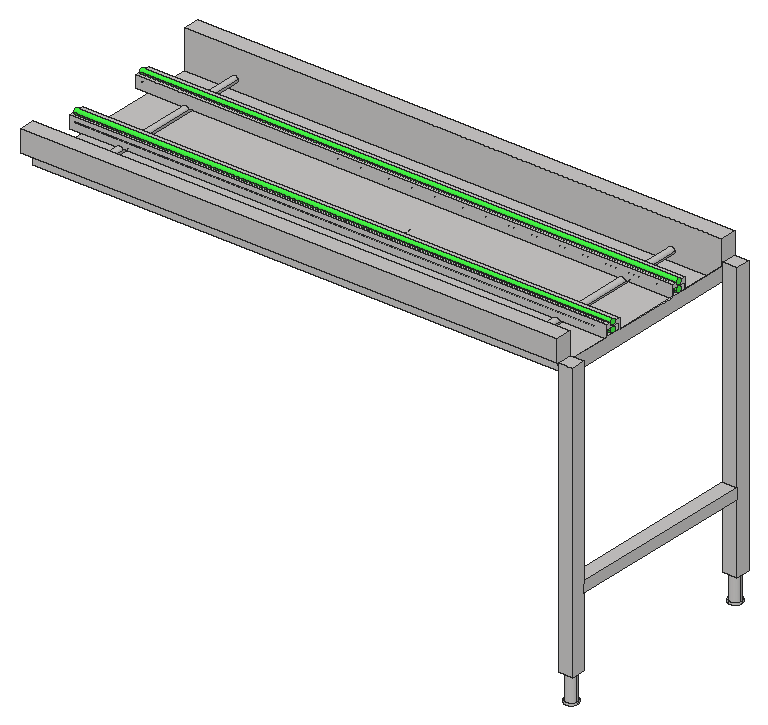
Revit family "QF_ELECTROLUXPROFESSIONAL_863153_HSBCC15", category Specialty Equipment, Revit 2018
Family settings
  Round Connector Dimension = Use Diameter
  Part Type = Normal
  Work Plane-Based = No
  Always vertical = Yes
  Cut with Voids When Loaded = No
  Shared = No
  Room Calculation Point = No
Parameters
  Weight = 0.00 kg
  Watts = 0 W
  Volts = 0 V
  URL Manufacturer = "http://professional.electrolux.com"
  URL = "http://professional.electrolux.com"
  Steam Supply Size = 0 mm
  Steam Supply Minimum Pressure = 0.0 Pa
  Steam Supply Maximum Pressure = 0.0 Pa
  Steam Pounds per Hour = 0
  Refrigeration Suction Line Size = 0 mm
  Refrigeration Liquid Line Size = 0 mm
  Refrigerant Compressor Remote = yes
  Manufacturer = "Electrolux"
  Phase = 0
  Model = "HSBCC15"
  Length Actual = 1500 mm  # constant formula
  Item Number = "863153"
  Hot Water Size = 0 mm
  Height Actual = 910 mm  # constant formula
  HP = "0 HP"
  Gas Size = 0 mm
  Gas KW = 0
  Gas Input Pressure = 0 W
  Description = "CORD CONVEYOR FOR BASKETS, L=1500 MM"
  Depth Actual = 620 mm  # constant formula
  Cycle = 0 Hz
  Condensate Return Size = 0 mm
  Compressed Air Volume = 0.0 L/s
  Compressed Air Size = 0 mm
  Compressed Air Pressure = 0.0 Pa
  Cold Water Size = 0 mm
  Accessory = yes
Reference planes
  plane 1 "Centro (Fronte/Retro)": y = 74.737
  plane 2: z = 0
  plane 3 "LEFT": x = -1938.761
  plane 4 "BACK": y = 384.737
  plane 5 "FRONT": y = -235.263
  plane 6: z = 910
  plane 7 "RIGHT": x = -438.761
  plane 8: x = -1188.761
Forms (mm)
  Extrusion 1, solid, material "QF_Finishes_Stainless Steel"
    sketch origin (11.239, 0, 0) x (0, 1, 0) y (0, 0, 1)
      loop
        line (-235.263, 910) -> (-235.263, 850.033) -> (-190.242, 850.033) -> (-190.242, 910) -> (-235.263, 910)
      loop
        line (384.737, 910) -> (339.716, 910) -> (339.716, 850.033) -> (384.737, 850.033) -> (384.737, 910)
    from -1950 to -451.2
  Extrusion 2, solid, material "QF_Finishes_Stainless Steel"
    sketch origin (11.239, 0, 0) x (0, 1, 0) y (0, 0, 1)
      loop
        line (-191.727, 850.033) -> (-191.727, 800.081) -> (341.245, 800.081) -> (341.245, 850.033) -> (339.716, 850.033) -> (339.716, 803.081) -> (-190.242, 803.081) -> (-190.242, 850.033) -> (-191.727, 850.033)
    from -1950 to -451.2
  Extrusion 3, solid, material "QF_Finishes_Stainless Steel"
    sketch origin (1061.239, 723.253, 4000) x (0, 1, 0) y (0, 0, 1)
      loop
        line (-958.516, -3090) -> (-958.516, -3149.967) -> (-934.752, -3185.632) -> (-915.4, -3185.632) -> (-915.4, -3199.919) -> (-381.633, -3199.919) -> (-381.633, -3185.632) -> (-362.281, -3185.632) -> (-338.516, -3149.967) -> (-338.516, -3090) -> (-383.538, -3090) -> (-383.538, -3161.926) -> (-913.495, -3161.926) -> (-913.495, -3090) -> (-958.516, -3090)
    from -1500 to -1501.2
  Extrusion 4, solid, material "QF_Finishes_Stainless Steel"
    sketch origin (-1477.522, 74.737, 0) x (-1, 0, 0) y (0, 0, -1)
      loop
        line (-1079.929, -300) -> (-1039.929, -300) -> (-1039.929, -270) -> (-1079.929, -270) -> (-1079.929, -300)
    from -266.504 to 266.46
  Revolve 5, solid, material "QF_Finishes_Stainless Steel"
    sketch origin (0, 74.737, 0) x (1, 0, 0) y (0, 0, 1)
      loop
        line (-1265.255, 800.081) -> (-1265.255, 786.333)
        arc (-1265.255, 786.333) -> (-1264.651, 784.73) -> (-1263.151, 783.903) r 2.474
        arc (-1263.151, 783.903) -> (-1259.843, 780.044) -> (-1263.138, 776.173) r 3.913
        arc (-1263.138, 776.173) -> (-1264.648, 775.341) -> (-1265.255, 773.728) r 2.49
        line (-1265.255, 773.728) -> (-1265.255, 733.404)
        arc (-1265.255, 733.404) -> (-1254.605, 702.706) -> (-1227.218, 685.219) r 49.516
        line (-1227.218, 685.219) -> (-1227.218, 682.73) -> (-1226.011, 681.079) -> (-1226.011, 679.492) -> (-1212.231, 673.492) -> (-1212.231, 638.761) -> (-1210.707, 637.3) -> (-1188.761, 637.3) -> (-1188.761, 800.081) -> (-1265.255, 800.081)
      axis (-1188.761, 800.081) -> (-1188.761, 637.3)
    angle from 0 to 360
  Extrusion 6, solid, material "QF_Finishes_Stainless Steel"
    sketch origin (0, 74.737, 0) x (1, 0, 0) y (0, 0, 1)
      loop
        circle (-1798.761, 831.05) r 8.5
    from -265 to 264.979
  Extrusion 7, solid, material "QF_Finishes_Stainless Steel"
    sketch origin (2140, 74.737, 0) x (1, 0, 0) y (0, 0, 1)
      loop
        circle (-2718.761, 831.05) r 8.5
    from -265 to 265
  Extrusion 8, solid, material "QF_Finishes_Stainless Steel"
    sketch origin (-438.761, 0, 0) x (0, 1, 0) y (0, 0, 1)
      loop
        line (-62.763, 869.045) -> (-62.763, 835.05) -> (-60.363, 835.05) -> (-60.363, 857.845) -> (-19.763, 857.845) -> (-19.763, 835.05) -> (-17.763, 835.05) -> (-17.763, 869.045) -> (-30.056, 869.045) -> (-35.275, 860.005) -> (-45.251, 860.005) -> (-50.47, 869.045) -> (-62.763, 869.045)
      loop
        line (212.237, 869.045) -> (199.944, 869.045) -> (194.725, 860.005) -> (184.749, 860.005) -> (179.53, 869.045) -> (167.237, 869.045) -> (167.237, 835.05) -> (169.237, 835.05) -> (169.237, 857.845) -> (209.837, 857.845) -> (209.837, 835.05) -> (212.237, 835.05) -> (212.237, 869.045)
    from 0 to -1500
  Extrusion 9, solid, material "QF_Finishes_Green"
    sketch origin (-438.761, 0, 0) x (0, 1, 0) y (0, 0, 1)
      loop
        circle (-40.263, 868.505) r 7.5
      loop
        circle (-40.263, 848.505) r 7.5
      loop
        circle (189.737, 868.505) r 7.5
      loop
        circle (189.737, 848.505) r 7.5
    from 0 to -1500
Cuts and joins
  joined: Extrusion 1, Extrusion 2, Extrusion 3, Extrusion 6, Extrusion 7, Extrusion 8
Lines and regions (mm)
  Split face 1
    outline origin (-723.782, -239.063, 803.081) x (0, 1, 0) y (-1, 0, 0)
      loop
        circle (313.8, 464.979) r 3
  Split face 2
    outline origin (-723.782, -239.063, 803.081) x (0, 1, 0) y (-1, 0, 0)
      loop
        circle (313.8, 464.979) r 9
  Split face 3
    outline origin (-723.782, -239.063, 803.081) x (0, 1, 0) y (-1, 0, 0)
      loop
        circle (313.8, 464.979) r 26
  Split face 4
    outline origin (-723.782, -239.063, 803.081) x (0, 1, 0) y (-1, 0, 0)
      loop
        circle (313.8, 464.979) r 36
  Split face 5
    outline origin (-723.782, -239.063, 803.081) x (0, 1, 0) y (-1, 0, 0)
      loop
        circle (313.8, 464.979) r 53
  symbolic lines
    curve 1: line (-438.761, 384.737, 0) -> (-1938.761, 384.737, 0)
    curve 2: line (-1938.761, 384.737, 0) -> (-1938.761, -235.263, 0)
    curve 3: line (-1938.761, 339.716, 0) -> (-438.761, 339.716, 0)
    curve 4: line (-1938.761, -235.263, 0) -> (-438.761, -235.263, 0)
    curve 5: line (-438.761, -235.263, 0) -> (-438.761, 384.737, 0)
    curve 6: line (-438.761, -190.242, 0) -> (-1938.761, -190.242, 0)
    curve 7: line (-1938.761, 74.737, 0) -> (-1908.761, 74.737, 0)
    curve 8: line (-438.761, 74.737, 0) -> (-468.761, 74.737, 0)
    curve 9: circle (-1188.761, 74.737, 0) r 23.47 normal (0, 0, 1)
    curve 10: line (-438.761, 212.237, 0) -> (-1938.761, 212.237, 0)
    curve 11: line (-1938.761, 167.237, 0) -> (-438.761, 167.237, 0)
    curve 12: line (-438.761, -17.763, 0) -> (-1938.761, -17.763, 0)
    curve 13: line (-1938.761, -62.763, 0) -> (-438.761, -62.763, 0)
    curve 14: line (-1938.761, -47.763, 0) -> (-438.761, -47.763, 0)
    curve 15: line (-1938.761, -32.763, 0) -> (-438.761, -32.763, 0)
    curve 16: line (-1938.761, 197.237, 0) -> (-438.761, 197.237, 0)
    curve 17: line (-1938.761, 182.237, 0) -> (-438.761, 182.237, 0)
    curve 18: line (-1807.261, 339.716, 0) -> (-1807.261, 212.237, 0)
    curve 19: line (-1790.261, 339.716, 0) -> (-1790.261, 212.237, 0)
    curve 20: line (-1790.261, 167.237, 0) -> (-1790.261, -17.763, 0)
    curve 21: line (-1807.261, 167.237, 0) -> (-1807.261, -17.763, 0)
    curve 22: line (-1807.261, -62.763, 0) -> (-1807.261, -190.242, 0)
    curve 23: line (-1790.261, -62.763, 0) -> (-1790.261, -190.242, 0)
    curve 24: line (-587.261, 339.716, 0) -> (-587.261, 212.237, 0)
    curve 25: line (-570.261, 339.716, 0) -> (-570.261, 212.237, 0)
    curve 26: line (-570.261, 167.237, 0) -> (-570.261, -17.763, 0)
    curve 27: line (-587.261, 167.237, 0) -> (-587.261, -17.763, 0)
    curve 28: line (-587.261, -62.763, 0) -> (-587.261, -190.242, 0)
    curve 29: line (-570.261, -62.763, 0) -> (-570.261, -190.242, 0)
Dimensions and locks
  plane 3 "LEFT" to plane 7 "RIGHT" = 1500 mm
  equal spacing: plane 4 "BACK", plane 1 "Centro (Fronte/Retro)", plane 5 "FRONT"
  plane 4 "BACK" to plane 5 "FRONT" = 620 mm
  equal spacing: plane 3 "LEFT", plane 8, plane 7 "RIGHT"
  locked: Extrusion 6 sketch curve to plane 3 "LEFT" at 140
  locked: plane 7 "RIGHT" to Extrusion 7 sketch curve at 140
  aligned and locked: level to plane 2
  aligned and locked: curve 9 to Revolve 5
  aligned and locked: plane 8 to Split face 5  (x2)
  aligned and locked: plane 8 to Split face 4  (x2)
  aligned and locked: plane 8 to cut or joined group of Extrusion 1, Extrusion 2, Extrusion 3, Extrusion 6, Extrusion 7, Extrusion 8  (x4)
  aligned and locked: plane 8 to Split face 3  (x2)
  aligned and locked: plane 8 to Split face 2  (x2)
  aligned and locked: plane 8 to Split face 1  (x2)
  aligned and locked: Extrusion 2 to plane 3 "LEFT"
  aligned and locked: Extrusion 1 to plane 3 "LEFT"
  aligned and locked: Extrusion 8 to plane 3 "LEFT"
  aligned and locked: cut or joined group of Extrusion 1, Extrusion 2, Extrusion 3, Extrusion 6, Extrusion 7, Extrusion 8 to plane 3 "LEFT"  (x2)
  aligned and locked: plane 3 "LEFT" to curve 6
  aligned and locked: plane 3 "LEFT" to curve 4
  aligned and locked: Extrusion 9 to plane 3 "LEFT"
Automatic sketch dimensions
  Extrusion 1 sketch curve to plane 5 "FRONT" = 0 mm
  Extrusion 1 sketch curve to plane 6 = 0 mm  (x2)
  Extrusion 1 sketch curve to plane 4 "BACK" = 0 mm
  plane 5 "FRONT" to Extrusion 1 sketch curve = 45.021 mm
  Extrusion 1 sketch curve to plane 4 "BACK" = 45.021 mm
  Extrusion 1 sketch curve to Extrusion 1 sketch curve = 59.967 mm  (x2)
  plane 5 "FRONT" to Extrusion 2 sketch curve = 43.536 mm
  Extrusion 2 sketch curve to Extrusion 2 sketch curve = 1.486 mm
  Extrusion 2 sketch curve to plane 4 "BACK" = 45.021 mm
  Extrusion 2 sketch curve to Extrusion 2 sketch curve = 1.529 mm
  Extrusion 2 sketch curve to plane 6 = 109.919 mm
  Extrusion 2 sketch curve to Extrusion 2 sketch curve = 3 mm
  Extrusion 2 sketch curve to Extrusion 2 sketch curve = 46.952 mm  (x2)
  Extrusion 3 sketch curve to plane 5 "FRONT" = 0 mm
  Extrusion 3 sketch curve to plane 6 = 0 mm  (x2)
  Extrusion 3 sketch curve to plane 4 "BACK" = 0 mm
  plane 5 "FRONT" to Extrusion 3 sketch curve = 23.764 mm
  Extrusion 3 sketch curve to Extrusion 3 sketch curve = 19.352 mm  (x2)
  plane 5 "FRONT" to Extrusion 3 sketch curve = 45.021 mm
  Extrusion 3 sketch curve to plane 4 "BACK" = 45.021 mm
  Extrusion 3 sketch curve to Extrusion 3 sketch curve = 1.905 mm
  Extrusion 3 sketch curve to Extrusion 3 sketch curve = 59.967 mm  (x2)
  Extrusion 3 sketch curve to Extrusion 3 sketch curve = 11.959 mm
  Extrusion 3 sketch curve to Extrusion 3 sketch curve = 23.706 mm  (x2)
  Extrusion 3 sketch curve to Extrusion 3 sketch curve = 14.287 mm
  Extrusion 4 sketch curve to plane 7 "RIGHT" = 41.168 mm
  Extrusion 4 sketch curve to plane 7 "RIGHT" = 1.168 mm
  Extrusion 4 sketch curve to level = 270 mm
  Extrusion 4 sketch curve to Extrusion 4 sketch curve = 30 mm
  Extrusion 6 sketch curve to plane 6 = 78.95 mm
  Extrusion 7 sketch curve to plane 6 = 78.95 mm
  plane 1 "Centro (Fronte/Retro)" to Extrusion 8 sketch curve = 137.5 mm
  Extrusion 8 sketch curve to Extrusion 8 sketch curve = 2.4 mm  (x2)
  Extrusion 8 sketch curve to plane 6 = 40.955 mm  (x3)
  Extrusion 8 sketch curve to Extrusion 8 sketch curve = 12.293 mm  (x2)
  Extrusion 8 sketch curve to Extrusion 8 sketch curve = 5.219 mm  (x4)
  Extrusion 8 sketch curve to Extrusion 8 sketch curve = 9.976 mm  (x2)
  Extrusion 8 sketch curve to Extrusion 8 sketch curve = 10.293 mm
  Extrusion 8 sketch curve to Extrusion 8 sketch curve = 2 mm  (x2)
  Extrusion 8 sketch curve to plane 1 "Centro (Fronte/Retro)" = 92.5 mm
  Extrusion 8 sketch curve to plane 6 = 49.995 mm
  Extrusion 8 sketch curve to Extrusion 8 sketch curve = 9.893 mm
  Extrusion 8 sketch curve to Extrusion 8 sketch curve = 11.2 mm
  Extrusion 8 sketch curve to Extrusion 8 sketch curve = 2.16 mm
  Extrusion 8 sketch curve to Extrusion 8 sketch curve = 22.795 mm  (x4)
  Extrusion 8 sketch curve to Extrusion 8 sketch curve = 9.04 mm  (x2)
  plane 1 "Centro (Fronte/Retro)" to Extrusion 9 sketch curve = 115 mm
  Extrusion 9 sketch curve to Extrusion 9 sketch curve = 0 mm  (x2)
  Extrusion 9 sketch curve to plane 1 "Centro (Fronte/Retro)" = 115 mm
  Extrusion 9 sketch curve to plane 6 = 61.495 mm  (x2)
  Extrusion 9 sketch curve to Extrusion 9 sketch curve = 20 mm  (x2)
  plane 1 "Centro (Fronte/Retro)" to curve 7 = 0 mm
  plane 1 "Centro (Fronte/Retro)" to curve 8 = 0 mm
  curve 15 to plane 7 "RIGHT" = 0 mm
  curve 4 to plane 5 "FRONT" = 0 mm
  curve 2 to plane 4 "BACK" = 0 mm
  plane 3 "LEFT" to curve 7 = 30 mm
  curve 18 to plane 4 "BACK" = 45.021 mm
  plane 3 "LEFT" to curve 18 = 131.5 mm
  plane 5 "FRONT" to curve 22 = 45.021 mm
  plane 3 "LEFT" to curve 22 = 131.5 mm
  curve 21 to curve 18 = 0 mm
  curve 18 to curve 19 = 17 mm
  curve 21 to curve 20 = 17 mm
  curve 22 to curve 23 = 17 mm
  curve 28 to plane 7 "RIGHT" = 148.5 mm
  curve 24 to plane 7 "RIGHT" = 148.5 mm
  curve 27 to curve 28 = 0 mm
  curve 27 to curve 26 = 17 mm
  curve 24 to curve 25 = 17 mm
  curve 28 to curve 29 = 17 mm
  curve 8 to plane 7 "RIGHT" = 30 mm
  curve 13 to curve 14 = 15 mm
  curve 14 to curve 15 = 15 mm
  curve 15 to curve 12 = 15 mm
  curve 11 to curve 17 = 15 mm
  curve 16 to curve 10 = 15 mm
  Revolve 5 sketch curve to plane 8 = 0 mm  (x2)
  Revolve 5 sketch curve to Revolve 5 sketch curve = 21.946 mm
  Revolve 5 sketch curve to Revolve 5 sketch curve = 1.524 mm
  Revolve 5 sketch curve to plane 8 = 26.978 mm
  Revolve 5 sketch curve to Revolve 5 sketch curve = 13.78 mm
  Revolve 5 sketch curve to Revolve 5 sketch curve = 1.206 mm
  Revolve 5 sketch curve to Revolve 5 sketch curve = 47.026 mm
  Revolve 5 sketch curve to Revolve 5 sketch curve = 0.016 mm  (x3)
  Revolve 5 sketch curve to Revolve 5 sketch curve = 0.976 mm
  Revolve 5 sketch curve to Revolve 5 sketch curve = 2.474 mm
  Revolve 5 sketch curve to Revolve 5 sketch curve = 2.49 mm
  Revolve 5 sketch curve to Revolve 5 sketch curve = 0 mm
  Revolve 5 sketch curve to plane 6 = 272.7 mm
  Revolve 5 sketch curve to Revolve 5 sketch curve = 1.461 mm
  Revolve 5 sketch curve to Revolve 5 sketch curve = 34.731 mm
  Revolve 5 sketch curve to Revolve 5 sketch curve = 6 mm
  Revolve 5 sketch curve to Revolve 5 sketch curve = 1.588 mm
  Revolve 5 sketch curve to Revolve 5 sketch curve = 1.651 mm
  Revolve 5 sketch curve to Revolve 5 sketch curve = 2.488 mm
  Revolve 5 sketch curve to Revolve 5 sketch curve = 48.167 mm
  Revolve 5 sketch curve to Revolve 5 sketch curve = 40.307 mm
  Revolve 5 sketch curve to Revolve 5 sketch curve = 6.326 mm
  Revolve 5 sketch curve to Revolve 5 sketch curve = 6.296 mm
  Revolve 5 sketch curve to Revolve 5 sketch curve = 13.748 mm
  Revolve 5 sketch curve to Revolve 5 sketch curve = 0.373 mm
  Revolve 5 sketch curve to Revolve 5 sketch curve = 38.557 mm
  plane 6 to Revolve 5 sketch curve = 8.743 mm
  cut or joined group of Extrusion 1, Extrusion 2, Extrusion 3, Extrusion 6, Extrusion 7, Extrusion 8 to Split face 1 sketch curve = 264.979 mm
  cut or joined group of Extrusion 1, Extrusion 2, Extrusion 3, Extrusion 6, Extrusion 7, Extrusion 8 to Split face 1 sketch curve = 748.8 mm
  cut or joined group of Extrusion 1, Extrusion 2, Extrusion 3, Extrusion 6, Extrusion 7, Extrusion 8 to Split face 2 sketch curve = 264.979 mm
  cut or joined group of Extrusion 1, Extrusion 2, Extrusion 3, Extrusion 6, Extrusion 7, Extrusion 8 to Split face 2 sketch curve = 748.8 mm
  cut or joined group of Extrusion 1, Extrusion 2, Extrusion 3, Extrusion 6, Extrusion 7, Extrusion 8 to Split face 3 sketch curve = 264.979 mm
  cut or joined group of Extrusion 1, Extrusion 2, Extrusion 3, Extrusion 6, Extrusion 7, Extrusion 8 to Split face 3 sketch curve = 748.8 mm
  cut or joined group of Extrusion 1, Extrusion 2, Extrusion 3, Extrusion 6, Extrusion 7, Extrusion 8 to Split face 4 sketch curve = 264.979 mm
  cut or joined group of Extrusion 1, Extrusion 2, Extrusion 3, Extrusion 6, Extrusion 7, Extrusion 8 to Split face 4 sketch curve = 748.8 mm
  cut or joined group of Extrusion 1, Extrusion 2, Extrusion 3, Extrusion 6, Extrusion 7, Extrusion 8 to Split face 5 sketch curve = 264.979 mm
  cut or joined group of Extrusion 1, Extrusion 2, Extrusion 3, Extrusion 6, Extrusion 7, Extrusion 8 to Split face 5 sketch curve = 748.8 mm
  curve 6 to curve 13 = 127.479 mm
  curve 20 to curve 19 = 45 mm
  curve 26 to plane 1 "Centro (Fronte/Retro)" = 92.5 mm
  radius of Extrusion 6 sketch curve = 8.5 mm
  radius of Extrusion 7 sketch curve = 8.5 mm
  radius of Extrusion 9 sketch curve = 7.5 mm  (x4)
  radius of Split face 1 sketch curve = 3 mm
  radius of Split face 2 sketch curve = 9 mm
  radius of Split face 3 sketch curve = 26 mm
  radius of Split face 4 sketch curve = 36 mm
  radius of Split face 5 sketch curve = 53 mm
Nested families
  nested 1: "Foot_40x40" at (-417.593, 361.245, 0) x (-1, 0, 0) z (0, 0, 1), type "Foot_40x40"
    with A 850.033 mm
  nested 2: "Foot_40x40" at (-417.593, -211.771, 0) x (-1, 0, 0) z (0, 0, 1), type "Foot_40x40"
    with A 850.033 mm
Connectors
  piping at (-1188.761, 74.737, 637.3), diameter 40
    settings: on Revolve 5, index 1, connector inside diameter 609.6 mm, connector length 0 mm, flow factor 0, pipe flow 0.0 L/s, pressure drop 0.0 Pa, fitting loss kfactor 0, connector angle 0.00°, fixture units 0, engagement length 0 mm, angle of deflection 0.00°, flow configuration 1, flow direction 2, fitting loss method 0, system type 16, joint type 0, gender type 0, connector reference index -1, connector utility 0, adjustable connector no, is connector primary yes, connector description "Drain"
Definition of nested family "Foot_40x40"
  Parameters
    A [instance] = 850 mm
  Reference planes
    plane 1 "Centro (Fronte/Retro)": y = 0
    plane 2: z = 0
    plane 3 "Centro (Sinistra/Destra)": x = 0
    plane 4: z = 850
  Forms (mm)
    Extrusion 1, solid
      sketch origin (0, 0, 0) x (1, 0, 0) y (0, 1, 0)
        loop
          circle (0, 0) r 18
      from 0 to 5
    Extrusion 2, solid
      sketch origin (0, 0, 5) x (1, 0, 0) y (0, 1, 0)
        loop
          circle (0, 0) r 15
      from 0 to 70
    Extrusion 3, solid
      sketch origin (0, 0, 75) x (1, 0, 0) y (0, 1, 0)
        loop
          line (-20, 20) -> (-20, -20) -> (20, -20) -> (20, 20) -> (-20, 20)
      from 0 to 775
  Dimensions and locks
    "A": plane 4 to plane 2
    aligned and locked: level to plane 2
    aligned and locked: plane 4 to Extrusion 3
    aligned and locked: Extrusion 1 to level
  Automatic sketch dimensions
    plane 1 "Centro (Fronte/Retro)" to Extrusion 1 sketch curve = 0 mm
    Extrusion 1 sketch curve to plane 3 "Centro (Sinistra/Destra)" = 0 mm
    Extrusion 3 sketch curve to Extrusion 3 sketch curve = 40 mm  (x2)
    radius of Extrusion 1 sketch curve = 18 mm
    radius of Extrusion 2 sketch curve to Extrusion 1 = 3 mm
